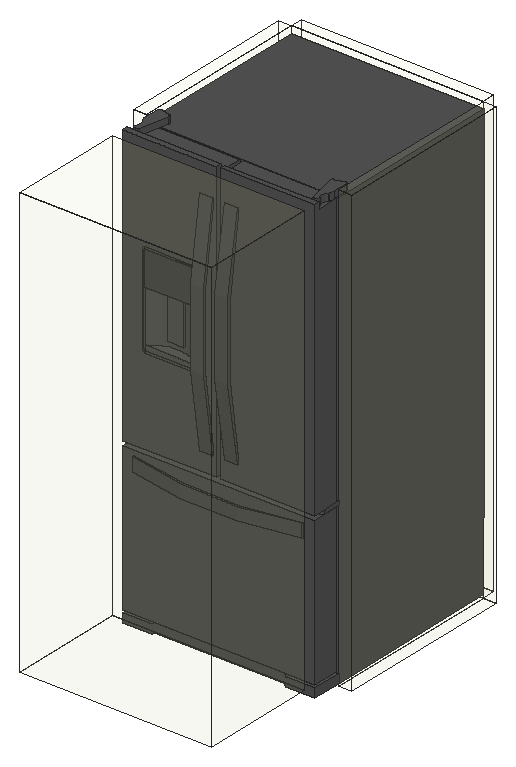
Revit family "WRF560SEHB-007c_Refrigeration_French_Door", category Specialty Equipment, Revit 2026
Family settings
  Round Connector Dimension = Use Diameter
  Part Type = Normal
  Work Plane-Based = No
  Enable Cutting in Views = No
  Always vertical = Yes
  Cut with Voids When Loaded = No
  Maintain Annotation Orientation = No
  Shared = No
  Room Calculation Point = No
Parameters (values of type "WRF560SEHB")
  Width = 29 1/2"
  Warranty Duration (Years) = "One year limited"
  Voltage = 120 V
  URL = "https://www.whirlpool.com/kitchen/refrigeration/refrigerators/french-door/p.30-inch-wide-french-door-refrigerator-20-cu.-ft.wrf560sehz.html"
  Specification = ""
  SpecWizard = ""
  Show Clearance [instance] = yes
  Send Message = ""
  Sales Information = "https://www.whirlpool.com/kitchen/refrigeration/refrigerators/french-door/p.30-inch-wide-french-door-refrigerator-20-cu.-ft.wrf560sehz.html"
  Product Data = "https://www.whirlpool.com/content/dam/global/documents/201801/UserInstructions-W10360467-RevC.pdf"
  Model = "WRF560SEHB"
  Manufacturer Website = ""
  Manufacturer Phone - Toll Free = ""
  Manufacturer Phone = ""
  Manufacturer Fax = ""
  Manufacturer Email = ""
  Manufacturer Address = ""
  Manufacturer = "Whirlpool"
  Maintenance Schedule (Months) = "NA"
  Leg Material = ARCAT - Plastic - Black
  Installation-Fabrication = "https://www.whirlpool.com/content/dam/global/documents/201801/DimensionGuide-W10359441-D-WH.pdf"
  Installation Phase = "NA"
  Height = 68 3/8"
  Handle Material = ARCAT - Metal - Steel - Grey
  HW size = 0"
  Family Name = "Freestanding Refrigerator"
  Expected Lifespan (Years) = "NA"
  Exhaust size = 0"
  Drawn By = ""
  Drain size = 0"
  Door Material = ARCAT - Metal - Steel - Black
  Display Panel Material = ARCAT - Glass - Black
  Description = "Whirlpool® 30-inch Wide French Door Refrigerator - 20 cu. ft."
  Depth = 34 3/8"
  Default Elevation = 0"
  Copyright = ""
  Clearance Material = ARCAT - Clearance
  CW size = 0"
  Body Material = ARCAT - Metal - Steel - Black
  Apparent Load = 0 VA
  Amps = 15 A
Reference planes (in)
  plane 1 "Center (Front/Back)": y = 0
  plane 2: z = 0
  plane 3 "Center (Left/Right)": x = 0
  plane 4: x = 14.75
  plane 5: x = -14.75
  plane 6: y = -2
  plane 7: y = -36.375
  plane 8: z = 68.375
Forms (in)
  Extrusion 1, solid, material "ARCAT - Metal - Steel - Black" <- "Body Material"
    sketch origin (0, -2, -0.5) x (1, 0, 0) y (0, 1, 0)
      loop
        line (-14.75, -0.0625) -> (-14.75, -27.8125) -> (14.75, -27.8125) -> (14.75, -0.0625) -> (-14.75, -0.0625)
    from 1 to 67.875
  Extrusion 2, solid, material "ARCAT - Clearance" <- "Clearance Material", visible <- "Show Clearance", detail levels medium+fine
    sketch origin (63.95747, -149.5, 68.375) x (-1, 0, 0) y (0, -1, 0)
      loop
        line (49.20747, -149.5) -> (78.70747, -149.5) -> (78.70747, -147.5) -> (49.20747, -147.5) -> (49.20747, -149.5)
    from 0 to -68.375
  Extrusion 3, solid, material "ARCAT - Metal - Steel - Black" <- "Door Material"
    sketch origin (0, -4.375, 68.375) x (1, 0, 0) y (0, 1, 0)
      loop
        line (-14.75, -30) -> (-0.3125, -30) -> (-0.3125, -25.5625) -> (-14, -25.5625) -> (-14, -25.9375) -> (-14.75, -25.9375) -> (-14.75, -30)
    from 0 to -42.79357
  Extrusion 4, solid, material "ARCAT - Glass - Black" <- "Display Panel Material"
    sketch origin (-14.75, -34.375, 72.625) x (1, 0, 0) y (0, 0, 1)
      loop
        line (3.30715, -24.65412) -> (10.95152, -24.65412) -> (10.95152, -19.66472)
        arc (10.95152, -19.66472) -> (10.8783, -19.48795) -> (10.70152, -19.41472) r 0.25
        line (10.70152, -19.41472) -> (3.55715, -19.41472)
        arc (3.55715, -19.41472) -> (3.38038, -19.48795) -> (3.30715, -19.66472) r 0.25
        line (3.30715, -19.66472) -> (3.30715, -24.65412)
    from 0 to 0.0625
  Extrusion 5, solid, material "ARCAT - Metal - Steel - Black" <- "Body Material"
    sketch origin (-14.75, -34.375, 48.79357) x (1, 0, 0) y (0, 0, 1)
      loop
        arc (3.30715, -9.2561) -> (3.42663, -9.54455) -> (3.71508, -9.66403) r 0.40793
        line (3.71508, -9.66403) -> (10.54527, -9.66403)
        arc (10.54527, -9.66403) -> (10.83254, -9.54504) -> (10.95152, -9.25778) r 0.40625
        line (10.95152, -9.25778) -> (10.95152, 4.16671)
        arc (10.95152, 4.16671) -> (10.8783, 4.34348) -> (10.70152, 4.41671) r 0.25
        line (10.70152, 4.41671) -> (3.55715, 4.41671)
        arc (3.55715, 4.41671) -> (3.38038, 4.34348) -> (3.30715, 4.16671) r 0.25
        line (3.30715, 4.16671) -> (3.30715, -9.2561)
      loop
        arc (3.05715, -9.2561) -> (3.24985, -9.72132) -> (3.71508, -9.91403) r 0.65793
        line (3.71508, -9.91403) -> (10.54527, -9.91403)
        arc (10.54527, -9.91403) -> (11.00931, -9.72181) -> (11.20152, -9.25778) r 0.65625
        line (11.20152, -9.25778) -> (11.20152, 4.16671)
        arc (11.20152, 4.16671) -> (11.05508, 4.52026) -> (10.70152, 4.66671) r 0.5
        line (10.70152, 4.66671) -> (3.55715, 4.66671)
        arc (3.55715, 4.66671) -> (3.2036, 4.52026) -> (3.05715, 4.16671) r 0.5
        line (3.05715, 4.16671) -> (3.05715, -9.2561)
    from 0 to 0.0625
  Extrusion 6, solid, material "ARCAT - Clearance" <- "Clearance Material", visible <- "Show Clearance", detail levels medium+fine
    sketch origin (63.95747, -184.125, 68.375) x (-1, 0, 0) y (0, -1, 0)
      loop
        line (49.20747, -147.75) -> (78.70747, -147.75) -> (78.70747, -130) -> (49.20747, -130) -> (49.20747, -147.75)
    from 0 to -66.05697
  Extrusion 7, solid, material "ARCAT - Metal - Steel - Grey" <- "Handle Material"
    sketch origin (-0.03977, -4.375, -2.77278) x (0, 1, 0) y (0, 0, -1)
      loop
        line (-30, -66.625) -> (-30, -65.4798)
        arc (-30, -65.4798) -> (-31.77475, -48.87599) -> (-30, -32.27218) r 78.55645
        line (-30, -32.27218) -> (-30, -31.12698)
        arc (-30, -31.12698) -> (-32.02475, -48.87599) -> (-30, -66.625) r 78.80645
    from 0.83523 to 2.83523
  Extrusion 8, solid, material "ARCAT - Metal - Steel - Black" <- "Body Material"
    sketch origin (-5.26713, -33.90625, 49.84588) x (1, 0, 0) y (0, -1, 0)
      loop
        arc (-3.64128, -1.04392) -> (-2.38926, -1.19725) -> (-1.13478, -1.06553) r 5.58152
        line (-1.13478, -1.06553) -> (-1.13478, -0.83704) -> (-3.64128, -0.83704) -> (-3.64128, -1.04392)
    from 2.5 to 9.09133
  Extrusion 9, solid, material "ARCAT - Plastic - Black" <- "Leg Material"
    sketch origin (0.73842, 17.04923, 0) x (1, 0, 0) y (0, -1, 0)
      loop
        circle (-13.18238, 22.39858) r 0.75
    from 0 to -0.5
  Extrusion 10, solid, material "ARCAT - Plastic - Black" <- "Leg Material"
    sketch origin (0.73842, -5.10142, 0) x (1, 0, 0) y (0, -1, 0)
      loop
        circle (-13.18238, 23.14858) r 0.75
    from 0 to -0.5
  Extrusion 11, solid, material "ARCAT - Plastic - Black" <- "Leg Material"
    sketch origin (-0.73842, 17.04923, 0) x (1, 0, 0) y (0, -1, 0)
      loop
        circle (13.18238, 22.39858) r 0.75
    from 0 to -0.5
  Extrusion 12, solid, material "ARCAT - Plastic - Black" <- "Leg Material"
    sketch origin (-0.73842, -5.10142, 0) x (1, 0, 0) y (0, -1, 0)
      loop
        circle (13.18238, 23.14858) r 0.75
    from 0 to -0.5
  Extrusion 13, solid, material "ARCAT - Metal - Steel - Black" <- "Door Material"
    sketch origin (-6.51723, -33.625, 34.87955) x (0, -1, 0) y (1, 0, 0)
      loop
        line (-1.05781, -3.85136) -> (-0.80496, -3.85136)
        arc (-0.80496, -3.85136) -> (-0.9168, -2.38478) -> (-0.80499, -0.9182) r 9.67341
        line (-0.80499, -0.9182) -> (-1.05784, -0.9182)
        arc (-1.05784, -0.9182) -> (-1.1668, -2.38478) -> (-1.05781, -3.85136) r 9.92341
    from 4.42548 to 8.09133
  Extrusion 14, solid, material "ARCAT - Clearance" <- "Clearance Material", visible <- "Show Clearance", detail levels medium+fine
    sketch origin (-17.58655, -2, 48) x (1, 0, 0) y (0, 0, 1)
      loop
        line (2.83655, 20.375) -> (0.83655, 20.375) -> (0.83655, -48) -> (2.83655, -48) -> (2.83655, 20.375)
      loop
        line (32.33655, 20.375) -> (32.33655, -48) -> (34.33655, -48) -> (34.33655, 20.375) -> (32.33655, 20.375)
    from 0 to 27.8125
  Extrusion 15, void
    sketch origin (0.375, 0, -0.5) x (0, -1, 0) y (1, 0, 0)
      loop
        line (34.375, -11.81785) -> (34.375, -4.19189) -> (34.19412, -4.19189)
        arc (34.19412, -4.19189) -> (32.70887, -8.01285) -> (34.23453, -11.81785) r 5.58152
        line (34.23453, -11.81785) -> (34.375, -11.81785)
    from 40.37955 to 48.47088
  Extrusion 16, solid, material "ARCAT - Metal - Steel - Black" <- "Door Material"
    sketch origin (0, -4.375, 68.375) x (-1, 0, 0) y (0, -1, 0)
      loop
        line (-14.75, 30) -> (-14.75, 25.9375) -> (-14, 25.9375) -> (-14, 25.5625) -> (-0.3125, 25.5625) -> (-0.3125, 30) -> (-14.75, 30)
    from 0 to -42.79357
  Extrusion 17, solid, material "ARCAT - Metal - Steel - Black" <- "Door Material"
    sketch origin (0, -4.375, 57.375) x (-1, 0, 0) y (0, -1, 0)
      loop
        line (-14.75, 30) -> (-14.75, 25.9375) -> (-14, 25.9375) -> (-14, 25.5625) -> (14, 25.5625) -> (14, 25.9375) -> (14.75, 25.9375) -> (14.75, 30) -> (-14.75, 30)
    from -32.54357 to -55.05697
  Extrusion 18, solid, material "ARCAT - Metal - Steel - Grey" <- "Handle Material"
    sketch origin (-48.75099, -4.375, 21.18845) x (1, 0, 0) y (0, 1, 0)
      loop
        line (35.8369, -30) -> (35.68948, -30) -> (35.68948, -30.12349)
        arc (35.68948, -30.12349) -> (35.71503, -30.19922) -> (35.78124, -30.24399) r 0.125
        arc (35.78124, -30.24399) -> (48.75099, -32) -> (61.72074, -30.24399) r 48.77463
        arc (61.72074, -30.24399) -> (61.78695, -30.19922) -> (61.8125, -30.12349) r 0.125
        line (61.8125, -30.12349) -> (61.8125, -30) -> (61.66508, -30)
        arc (61.66508, -30) -> (48.75099, -31.75) -> (35.8369, -30) r 48.52463
    from 0.83523 to 2.83523
  Extrusion 19, solid, material "ARCAT - Metal - Steel - Grey" <- "Handle Material"
    sketch origin (0.03977, -4.375, -2.77278) x (0, 1, 0) y (0, 0, 1)
      loop
        arc (-30, 66.625) -> (-32.02475, 48.87599) -> (-30, 31.12698) r 78.80645
        line (-30, 31.12698) -> (-30, 32.27218)
        arc (-30, 32.27218) -> (-31.77475, 48.87599) -> (-30, 65.4798) r 78.55645
        line (-30, 65.4798) -> (-30, 66.625)
    from 0.83523 to 2.83523
  Extrusion 20, solid, material "ARCAT - Metal - Steel - Black" <- "Body Material"
    sketch origin (3.11177, -5.17197, 24.58143) x (1, 0, 0) y (0, 1, 0)
      loop
        line (-17.86177, -24.64053) -> (-17.86177, -27.31056)
        arc (-17.86177, -27.31056) -> (-17.56507, -27.70764) -> (-17.10018, -27.53566) r 0.41406
        line (-17.10018, -27.53566) -> (-16.24093, -26.20909)
        arc (-16.24093, -26.20909) -> (-16.25266, -25.96938) -> (-16.48367, -25.9043) r 0.20547
        line (-16.48367, -25.9043) -> (-16.67476, -25.97385)
        arc (-16.67476, -25.97385) -> (-16.92377, -25.88933) -> (-16.89514, -25.62792) r 0.21007
        line (-16.89514, -25.62792) -> (-15.90775, -24.64053) -> (-17.86177, -24.64053)
    from 0.5 to 1
  Extrusion 21, solid, material "ARCAT - Metal - Steel - Black" <- "Body Material"
    sketch origin (-3.11177, -5.17197, 24.58143) x (-1, 0, 0) y (0, -1, 0)
      loop
        line (-17.86177, 24.64053) -> (-15.90775, 24.64053) -> (-16.89514, 25.62792)
        arc (-16.89514, 25.62792) -> (-16.92377, 25.88933) -> (-16.67476, 25.97385) r 0.21007
        line (-16.67476, 25.97385) -> (-16.48367, 25.9043)
        arc (-16.48367, 25.9043) -> (-16.25266, 25.96938) -> (-16.24093, 26.20909) r 0.20547
        line (-16.24093, 26.20909) -> (-17.10018, 27.53566)
        arc (-17.10018, 27.53566) -> (-17.56507, 27.70764) -> (-17.86177, 27.31056) r 0.41406
        line (-17.86177, 27.31056) -> (-17.86177, 24.64053)
    from 0.5 to 1
  Extrusion 22, solid, material "ARCAT - Metal - Steel - Black" <- "Body Material"
    sketch origin (-14.75, -2.0625, -0.5) x (1, 0, 0) y (0, 0, -1)
      loop
        circle (27.80654, -11.0857) r 0.25
    from 0 to 0.03125
  Extrusion 23, solid, material "ARCAT - Metal - Steel - Black" <- "Body Material"
    sketch origin (-14.75, -2.0625, -0.5) x (1, 0, 0) y (0, 0, -1)
      loop
        line (28, -1) -> (3.75, -1) -> (3.75, -2.49567)
        arc (3.75, -2.49567) -> (3.5, -2.74567) -> (3.25, -2.49567) r 0.25
        line (3.25, -2.49567) -> (3.25, -1) -> (1, -1) -> (1, -2.49567) -> (0.5, -2.49567) -> (0.5, -4.05634) -> (2.87356, -4.05634) -> (2.87356, -6.31722) -> (0.5, -6.31722) -> (0.5, -10.2917) -> (1, -10.2917) -> (1, -11.78736) -> (27.4375, -11.78736) -> (27.4375, -10.61908) -> (28.1875, -10.61908) -> (28.1875, -11.53736) -> (29, -11.53736) -> (29, -2) -> (28, -2) -> (28, -1)
    from 0 to 0.0625
  Extrusion 24, solid, material "ARCAT - Metal - Steel - Black" <- "Body Material"
    sketch origin (-14.75, -31.875, 57.375) x (0, -1, 0) y (0, 0, 1)
      loop
        line (-2.0625, -55.5002) -> (-2.0625, -56.875) -> (2.5, -56.875) -> (2.5, -55.5002) -> (-2.0625, -55.5002)
    from 0 to -4.5
  Extrusion 25, solid, material "ARCAT - Metal - Steel - Black" <- "Body Material"
    sketch origin (14.75, -34.375, 68.375) x (-1, 0, 0) y (0, 0, -1)
      loop
        line (25, 67.875) -> (24.64645, 67.52145) -> (4.85355, 67.52145) -> (4.5, 67.875) -> (4.5, 66.5002) -> (4.85355, 66.14665) -> (24.64645, 66.14665) -> (25, 66.5002) -> (25, 67.875)
    from 0 to -4.5625
  Extrusion 26, solid, material "ARCAT - Metal - Steel - Black" <- "Body Material"
    sketch origin (14.75, -31.875, 57.375) x (0, -1, 0) y (0, 0, -1)
      loop
        line (-2.0625, 55.5002) -> (2.5, 55.5002) -> (2.5, 56.875) -> (-2.0625, 56.875) -> (-2.0625, 55.5002)
    from 0 to -4.5
  Extrusion 27, solid, material "ARCAT - Metal - Steel - Black" <- "Body Material"
    sketch origin (0.125, -5.59375, 67.375) x (1, 0, 0) y (0, 1, 0)
      loop
        arc (-14.26354, -22.14842) -> (-14.50419, -22.20093) -> (-14.61177, -22.4225) r 0.28197
        line (-14.61177, -22.4225) -> (-14.61177, -24.67511)
        arc (-14.61177, -24.67511) -> (-14.58722, -25.03246) -> (-14.51403, -25.3831) r 2.61317
        arc (-14.51403, -25.3831) -> (-14.45066, -25.53883) -> (-14.35425, -25.67658) r 0.75155
        arc (-14.35425, -25.67658) -> (-14.07121, -26.35267) -> (-14.2568, -27.06172) r 1.14347
        arc (-14.2568, -27.06172) -> (-14.0771, -27.65025) -> (-13.53208, -27.36459) r 0.39966
        line (-13.53208, -27.36459) -> (-12.57015, -22.83907)
        arc (-12.57015, -22.83907) -> (-12.60727, -22.6307) -> (-12.77917, -22.50722) r 0.28125
        line (-12.77917, -22.50722) -> (-14.26354, -22.14842)
    from 1 to 0
  Extrusion 28, void
    sketch origin (-17.75, 6.715, 49.75) x (0, 1, 0) y (0, 0, 1)
      loop
        line (-36.5275, 18.625) -> (-40.2775, 18.625) -> (-40.2775, 17.625) -> (-36.5275, 17.625) -> (-36.5275, 18.625)
    from 3 to 17.4375
  Extrusion 29, solid, material "ARCAT - Metal - Steel - Black" <- "Body Material"
    sketch origin (-0.125, -5.59375, 67.375) x (-1, 0, 0) y (0, -1, 0)
      loop
        line (-14.26354, 22.14842) -> (-12.77917, 22.50722)
        arc (-12.77917, 22.50722) -> (-12.60727, 22.6307) -> (-12.57015, 22.83907) r 0.28125
        line (-12.57015, 22.83907) -> (-13.53208, 27.36459)
        arc (-13.53208, 27.36459) -> (-14.0771, 27.65025) -> (-14.2568, 27.06172) r 0.39966
        arc (-14.2568, 27.06172) -> (-14.07121, 26.35267) -> (-14.35425, 25.67658) r 1.14347
        arc (-14.35425, 25.67658) -> (-14.45066, 25.53883) -> (-14.51403, 25.3831) r 0.75155
        arc (-14.51403, 25.3831) -> (-14.58722, 25.03246) -> (-14.61177, 24.67511) r 2.61317
        line (-14.61177, 24.67511) -> (-14.61177, 22.4225)
        arc (-14.61177, 22.4225) -> (-14.50419, 22.20093) -> (-14.26354, 22.14842) r 0.28197
    from 1 to 0
  Extrusion 30, void
    sketch origin (17.75, 6.715, 49.75) x (0, 1, 0) y (0, 0, -1)
      loop
        line (-36.5275, -18.625) -> (-36.5275, -17.625) -> (-40.2775, -17.625) -> (-40.2775, -18.625) -> (-36.5275, -18.625)
    from 3 to 17.4375
  Extrusion 31, solid, material "ARCAT - Metal - Steel - Black" <- "Body Material"
    sketch origin (-17.5, -1.0625, 0) x (1, 0, 0) y (0, 0, -1)
      loop
        line (2.75, -9.7917) -> (2.75, -67.375) -> (32.25, -67.375) -> (32.25, -11.03736) -> (31.25, -11.03736) -> (31.25, -66.375) -> (3.75, -66.375) -> (3.75, -9.7917) -> (2.75, -9.7917)
    from -1 to -0.9375
Cuts and joins
  Extrusion 15, Extrusion 28 cuts Extrusion 3
  Extrusion 15, Extrusion 28 cuts Extrusion 13
  joined: Extrusion 3, Extrusion 13
  joined: Extrusion 24, Extrusion 25, Extrusion 26
  Extrusion 30 cuts Extrusion 16
  joined: Extrusion 1, Extrusion 31
Lines and regions (in)
  symbolic lines, style "SpecialityEquipment"
    curve 1: line (14.75, -34.375, 0.5) -> (-14.75, -34.375, 0.5)
    curve 2: line (-14.75, -2, 0.5) -> (14.75, -2, 0.5)
    curve 3: line (14.75, -34.375, 0.5) -> (14.75, -2, 0.5)
    curve 4: line (-14.75, -34.375, 0.5) -> (-14.75, -2, 0.5)
    curve 15: line (-2.875, -36.03976, 0.5) -> (-2.875, -34.375, 0.5)
    curve 16: line (-0.875, -34.375, 0.5) -> (-0.875, -36.11711, 0.5)
    curve 17: arc (-12.96975, -34.61899, 0.5) -> (0, -36.375, 0.5) -> (12.96975, -34.61899, 0.5) r 48.77463
    curve 18: arc (12.96975, -34.61899, 0.5) -> (13.03596, -34.57422, 0.5) -> (13.06151, -34.49849, 0.5) r 0.125
    curve 19: line (13.06151, -34.49849, 0.5) -> (13.06151, -34.375, 0.5)
    curve 20: arc (12.91409, -34.375, 0.5) -> (0, -36.125, 0.5) -> (-12.91409, -34.375, 0.5) r 48.52463
    curve 21: line (-13.06151, -34.375, 0.5) -> (-13.06151, -34.49849, 0.5)
    curve 22: arc (-13.06151, -34.49849, 0.5) -> (-13.03596, -34.57422, 0.5) -> (-12.96975, -34.61899, 0.5) r 0.125
    curve 23: line (2.875, -36.03976, 0.5) -> (2.875, -34.375, 0.5)
    curve 24: line (0.875, -34.375, 0.5) -> (0.875, -36.11711, 0.5)
  model lines
    curve 5: line (12.9375, -2, 1.5) -> (5.4375, -2, 1.5)
    curve 6: line (5.4375, -2, 1.5) -> (5.4375, -2, 10.5)
    curve 7: line (5.4375, -2, 10.5) -> (10.6875, -2, 10.5)
    curve 8: line (10.6875, -2, 10.5) -> (10.6875, -2, 7.75)
    curve 9: line (10.6875, -2, 7.75) -> (12.9375, -2, 7.75)
    curve 10: line (12.9375, -2, 7.75) -> (12.9375, -2, 1.5)
    curve 11: line (-10.5, -2, 1.5) -> (-10.5, -2, 10.5)
    curve 12: line (-6.75, -2, 1.5) -> (-6.75, -2, 10.5)
    curve 13: line (-10.5, -2, 10.5) -> (-6.75, -2, 10.5)
    curve 14: line (-10.5, -2, 1.5) -> (-6.75, -2, 1.5)
Dimensions and locks (in)
  "Width": plane 5 to plane 4
  equal spacing: plane 5, plane 3 "Center (Left/Right)", plane 4
  "Depth": plane 7 to plane 6
  "Height": plane 8 to plane 2
  aligned and locked: plane 2 to level
Automatic sketch dimensions
  curve 17 to curve 20 = 0"  (x2)
  curve 17 to plane 3 "Center (Left/Right)" = 0"
  curve 2 to plane 4 = 0"
  plane 6 to curve 2 = 0"
  curve 4 to plane 5 = 0"
  curve 20 to plane 1 "Center (Front/Back)" = 12.39963"
  curve 4 to plane 7 = 2"
  curve 21 to curve 21 = 0.12349"
  curve 20 to curve 18 = 0.12349"
  plane 5 to curve 21 = 1.68849"
  curve 22 to curve 22 = 1/8"
  curve 18 to plane 4 = 1.81349"
  curve 18 to curve 19 = 1/8"
  curve 17 to curve 18 = 0"
  curve 15 to plane 7 = 0.33524"
  curve 23 to plane 7 = 0.33524"
  curve 24 to plane 7 = 0.25789"
  curve 16 to plane 7 = 0.25789"
  curve 22 to curve 20 = 0.02242"
  Extrusion 1 sketch curve to plane 5 = 0"
  Extrusion 1 sketch curve to plane 4 = 0"
  Extrusion 1 sketch curve to plane 7 = 6 9/16"
  plane 6 to Extrusion 1 sketch curve = 1/16"
  Extrusion 2 sketch curve to plane 4 = 0"
  Extrusion 2 sketch curve to plane 5 = 0"
  plane 1 "Center (Front/Back)" to Extrusion 2 sketch curve = 0"
  plane 6 to Extrusion 2 sketch curve = 0"
  Extrusion 3 sketch curve to plane 5 = 0"
  plane 5 to Extrusion 3 sketch curve = 3/4"
  Extrusion 3 sketch curve to plane 3 "Center (Left/Right)" = 5/16"
  Extrusion 3 sketch curve to plane 7 = 2"
  Extrusion 3 sketch curve to Extrusion 3 sketch curve = 4 1/16"
  Extrusion 3 sketch curve to Extrusion 3 sketch curve = 4 7/16"
  Extrusion 3 to Extrusion 4 sketch curve = 3.30715"
  Extrusion 4 sketch curve to Extrusion 4 sketch curve = 1/4"
  Extrusion 4 sketch curve to Extrusion 3 = 3.73598"
  Extrusion 4 sketch curve to Extrusion 3 = 3.48598"
  Extrusion 3 to Extrusion 4 sketch curve = 20.40412"
  Extrusion 4 sketch curve to Extrusion 4 sketch curve = 4.9894"
  Extrusion 5 sketch curve to Extrusion 5 sketch curve = 0"  (x8)
  Extrusion 3 to Extrusion 5 sketch curve = 3.05715"
  Extrusion 5 sketch curve to Extrusion 5 sketch curve = 1/4"  (x2)
  Extrusion 5 sketch curve to Extrusion 5 sketch curve = 0.40793"
  Extrusion 5 sketch curve to Extrusion 3 = 3.89223"
  Extrusion 5 sketch curve to Extrusion 3 = 3.73598"
  Extrusion 5 sketch curve to Extrusion 5 sketch curve = 13/32"
  Extrusion 3 to Extrusion 5 sketch curve = 13.29812"
  Extrusion 5 sketch curve to Extrusion 5 sketch curve = 13.42448"
  Extrusion 6 sketch curve to plane 4 = 0"
  Extrusion 6 sketch curve to plane 5 = 0"
  plane 7 to Extrusion 6 sketch curve = 0"
  plane 7 to Extrusion 6 sketch curve = 17 3/4"
  Extrusion 7 sketch curve to Extrusion 7 sketch curve = 0"  (x3)
  Extrusion 7 sketch curve to plane 7 = 2"  (x2)
  Extrusion 7 sketch curve to plane 1 "Center (Front/Back)" = 42.4067"
  Extrusion 7 sketch curve to Extrusion 7 sketch curve = 1.1452"
  plane 5 to Extrusion 8 sketch curve = 5.84159"
  plane 7 to Extrusion 8 sketch curve = 1.91531"
  Extrusion 8 sketch curve to Extrusion 8 sketch curve = 1.30014"
  Extrusion 8 sketch curve to Extrusion 8 sketch curve = 2.5065"
  Extrusion 8 sketch curve to plane 7 = 3.30579"
  Extrusion 8 sketch curve to Extrusion 8 sketch curve = 0.20688"
  plane 5 to Extrusion 9 sketch curve = 2.30604"
  plane 6 to Extrusion 9 sketch curve = 3.34935"
  plane 5 to Extrusion 10 sketch curve = 2.30604"
  Extrusion 10 sketch curve to plane 7 = 8 1/8"
  Extrusion 11 sketch curve to plane 4 = 2.30604"
  plane 6 to Extrusion 11 sketch curve = 3.34935"
  Extrusion 12 sketch curve to plane 4 = 2.30604"
  Extrusion 12 sketch curve to plane 7 = 8 1/8"
  Extrusion 13 sketch curve to Extrusion 13 sketch curve = 0"  (x2)
  Extrusion 13 sketch curve to plane 7 = 3.80784"
  Extrusion 13 sketch curve to Extrusion 13 sketch curve = 0.00003"
  Extrusion 13 sketch curve to Extrusion 13 sketch curve = 0.25285"
  plane 7 to Extrusion 13 sketch curve = 6.00662"
  plane 5 to Extrusion 13 sketch curve = 4.38141"
  plane 5 to Extrusion 13 sketch curve = 5.84809"
  Extrusion 14 sketch curve to plane 8 = 0"  (x2)
  Extrusion 14 sketch curve to level = 0"  (x2)
  Extrusion 14 sketch curve to plane 5 = 0"
  Extrusion 14 sketch curve to plane 4 = 0"
  Extrusion 14 sketch curve to Extrusion 14 sketch curve = 2"
  plane 4 to Extrusion 14 sketch curve = 2"
  Extrusion 15 sketch curve to plane 7 = 2.18088"
  Extrusion 15 sketch curve to plane 7 = 2.14047"
  Extrusion 15 sketch curve to Extrusion 15 sketch curve = 0.14047"
  plane 7 to Extrusion 15 sketch curve = 1.91531"
  plane 5 to Extrusion 15 sketch curve = 3.30715"
  Extrusion 15 sketch curve to Extrusion 15 sketch curve = 3.83458"
  Extrusion 16 sketch curve to plane 4 = 0"
  Extrusion 16 sketch curve to plane 4 = 3/4"
  plane 3 "Center (Left/Right)" to Extrusion 16 sketch curve = 5/16"
  Extrusion 16 sketch curve to plane 7 = 6 7/16"
  Extrusion 16 sketch curve to Extrusion 16 sketch curve = 3/8"
  Extrusion 16 sketch curve to plane 7 = 2"
  Extrusion 17 sketch curve to plane 4 = 0"
  Extrusion 17 sketch curve to plane 5 = 0"
  Extrusion 17 sketch curve to plane 4 = 3/4"
  plane 5 to Extrusion 17 sketch curve = 3/4"
  Extrusion 17 sketch curve to plane 7 = 6 7/16"
  Extrusion 17 sketch curve to Extrusion 17 sketch curve = 3/8"  (x2)
  Extrusion 17 sketch curve to plane 7 = 2"
  Extrusion 18 sketch curve to Extrusion 18 sketch curve = 0"  (x3)
  Extrusion 18 sketch curve to plane 3 "Center (Left/Right)" = 0"
  plane 5 to Extrusion 18 sketch curve = 1.83591"
  Extrusion 18 sketch curve to Extrusion 18 sketch curve = 0.02242"  (x2)
  Extrusion 18 sketch curve to Extrusion 18 sketch curve = 1/8"
  Extrusion 18 sketch curve to plane 4 = 1.83591"
  Extrusion 18 sketch curve to Extrusion 18 sketch curve = 0.14742"
  Extrusion 18 sketch curve to plane 7 = 1.87651"  (x2)
  Extrusion 18 sketch curve to Extrusion 18 sketch curve = 0.12349"
  Extrusion 18 sketch curve to plane 1 "Center (Front/Back)" = 12.39963"
  Extrusion 19 sketch curve to Extrusion 19 sketch curve = 0"  (x3)
  Extrusion 19 sketch curve to plane 7 = 2"  (x2)
  Extrusion 19 sketch curve to plane 1 "Center (Front/Back)" = 42.4067"
  level to Extrusion 19 sketch curve = 29.4994"
  Extrusion 19 sketch curve to Extrusion 19 sketch curve = 1.1452"
  Extrusion 20 sketch curve to plane 5 = 0"
  plane 5 to Extrusion 20 sketch curve = 53/128"
  Extrusion 20 sketch curve to Extrusion 20 sketch curve = 0.34753"
  plane 5 to Extrusion 20 sketch curve = 0.96663"
  Extrusion 20 sketch curve to Extrusion 20 sketch curve = 0.14854"
  Extrusion 20 sketch curve to Extrusion 20 sketch curve = 0.07185"
  Extrusion 20 sketch curve to Extrusion 20 sketch curve = 0.19109"
  Extrusion 20 sketch curve to Extrusion 20 sketch curve = 0.07028"
  Extrusion 20 sketch curve to Extrusion 20 sketch curve = 0.17246"
  Extrusion 20 sketch curve to Extrusion 20 sketch curve = 0.57592"
  Extrusion 20 sketch curve to plane 7 = 3.66737"
  Extrusion 20 sketch curve to Extrusion 20 sketch curve = 1.32657"
  Extrusion 20 sketch curve to Extrusion 20 sketch curve = 0.1117"
  Extrusion 20 sketch curve to Extrusion 20 sketch curve = 0.06955"
  Extrusion 20 sketch curve to Extrusion 20 sketch curve = 0.1974"
  Extrusion 20 sketch curve to Extrusion 20 sketch curve = 1.26377"
  Extrusion 21 sketch curve to plane 4 = 0"
  Extrusion 21 sketch curve to Extrusion 21 sketch curve = 53/128"
  Extrusion 21 sketch curve to Extrusion 21 sketch curve = 0.34753"
  Extrusion 21 sketch curve to plane 4 = 0.96663"
  Extrusion 21 sketch curve to Extrusion 21 sketch curve = 0.14854"  (x2)
  Extrusion 21 sketch curve to Extrusion 21 sketch curve = 0.07185"
  Extrusion 21 sketch curve to Extrusion 21 sketch curve = 0.19109"
  Extrusion 21 sketch curve to Extrusion 21 sketch curve = 0.07028"
  Extrusion 21 sketch curve to Extrusion 21 sketch curve = 0.17246"
  Extrusion 21 sketch curve to Extrusion 21 sketch curve = 0.57592"
  Extrusion 21 sketch curve to plane 7 = 6 9/16"
  Extrusion 21 sketch curve to Extrusion 21 sketch curve = 0.98739"
  Extrusion 21 sketch curve to Extrusion 21 sketch curve = 0.06955"
  Extrusion 21 sketch curve to Extrusion 21 sketch curve = 0.19308"
  Extrusion 21 sketch curve to Extrusion 21 sketch curve = 1.33671"
  Extrusion 22 sketch curve to Extrusion 1 = 1.69346"
  Extrusion 1 to Extrusion 22 sketch curve = 10.0857"
  plane 5 to Extrusion 23 sketch curve = 1/2"  (x2)
  Extrusion 23 sketch curve to Extrusion 23 sketch curve = 1/2"  (x2)
  Extrusion 23 sketch curve to Extrusion 23 sketch curve = 2.37356"
  level to Extrusion 23 sketch curve = 1/2"  (x2)
  Extrusion 23 sketch curve to Extrusion 23 sketch curve = 2 1/4"
  Extrusion 23 sketch curve to Extrusion 23 sketch curve = 1/4"
  Extrusion 23 sketch curve to plane 4 = 2 1/16"
  Extrusion 23 sketch curve to plane 4 = 1 1/2"
  Extrusion 23 sketch curve to Extrusion 23 sketch curve = 3/4"
  Extrusion 23 sketch curve to plane 4 = 1/2"
  Extrusion 23 sketch curve to Extrusion 23 sketch curve = 1"
  Extrusion 23 sketch curve to Extrusion 23 sketch curve = 1.49567"  (x3)
  Extrusion 23 sketch curve to Extrusion 23 sketch curve = 1.56068"
  Extrusion 23 sketch curve to Extrusion 23 sketch curve = 2.26088"
  Extrusion 23 sketch curve to Extrusion 23 sketch curve = 3.97447"
  Extrusion 23 sketch curve to Extrusion 23 sketch curve = 8.61908"
  Extrusion 23 sketch curve to Extrusion 23 sketch curve = 0.91828"
  Extrusion 24 sketch curve to Extrusion 17 = 0"
  Extrusion 24 sketch curve to Extrusion 17 = 1/2"
  Extrusion 24 sketch curve to Extrusion 17 = 1.81803"
  Extrusion 24 sketch curve to Extrusion 17 = 0.44323"
  Extrusion 16 to Extrusion 25 sketch curve = 4 1/2"
  Extrusion 25 sketch curve to Extrusion 25 sketch curve = 0.35355"  (x7)
  Extrusion 16 to Extrusion 25 sketch curve = 10.20895"
  Extrusion 25 sketch curve to Extrusion 25 sketch curve = 0"
  Extrusion 25 sketch curve to Extrusion 16 = 23.35308"
  Extrusion 25 sketch curve to Extrusion 25 sketch curve = 1.02124"
  level to Extrusion 26 sketch curve = 1/2"
  Extrusion 26 sketch curve to plane 7 = 6 9/16"
  Extrusion 26 sketch curve to plane 7 = 2"
  Extrusion 26 sketch curve to Extrusion 26 sketch curve = 1.3748"
  curve 11 to Extrusion 23 = 0"
  curve 5 to Extrusion 23 = 0"
  curve 11 to Extrusion 23 = 1/2"
  curve 11 to curve 12 = 3 3/4"
  Extrusion 23 to curve 7 = 0.38092"
  curve 7 to Extrusion 23 = 7 1/4"
  curve 7 to Extrusion 23 = 2"
  Extrusion 23 to curve 10 = 1/4"
  Extrusion 23 to curve 12 = 0.38092"
  curve 9 to Extrusion 23 = 1.93278"
  Extrusion 27 sketch curve to plane 5 = 0.33686"
  plane 5 to Extrusion 27 sketch curve = 0.26323"
  Extrusion 27 sketch curve to Extrusion 27 sketch curve = 0.28197"
  Extrusion 27 sketch curve to Extrusion 27 sketch curve = 0.06625"
  plane 5 to Extrusion 27 sketch curve = 0.952"
  Extrusion 27 sketch curve to Extrusion 27 sketch curve = 0.82117"
  Extrusion 27 sketch curve to Extrusion 27 sketch curve = 0.39092"
  Extrusion 27 sketch curve to Extrusion 27 sketch curve = 1.48454"
  Extrusion 27 sketch curve to Extrusion 27 sketch curve = 0.06608"
  Extrusion 27 sketch curve to Extrusion 27 sketch curve = 0.2751"
  Extrusion 27 sketch curve to Extrusion 27 sketch curve = 1.792"
  Extrusion 27 sketch curve to plane 7 = 3.41666"
  Extrusion 27 sketch curve to Extrusion 27 sketch curve = 0.08309"
  Extrusion 27 sketch curve to Extrusion 27 sketch curve = 0.84858"
  Extrusion 27 sketch curve to Extrusion 27 sketch curve = 1.25344"
  Extrusion 27 sketch curve to Extrusion 27 sketch curve = 0.50437"
  Extrusion 27 sketch curve to Extrusion 27 sketch curve = 1.83603"
  Extrusion 27 sketch curve to Extrusion 27 sketch curve = 0.05848"
  Extrusion 27 sketch curve to Extrusion 27 sketch curve = 0.35809"
  Extrusion 27 sketch curve to Extrusion 27 sketch curve = 0"  (x2)
  plane 8 to Extrusion 28 sketch curve = 0"
  Extrusion 28 sketch curve to plane 7 = 2 13/16"
  Extrusion 28 sketch curve to Extrusion 28 sketch curve = 3 3/4"
  plane 4 to Extrusion 29 sketch curve = 0.33686"
  Extrusion 29 sketch curve to plane 4 = 0.26323"
  Extrusion 29 sketch curve to Extrusion 29 sketch curve = 0.28197"
  Extrusion 29 sketch curve to Extrusion 29 sketch curve = 0.06625"
  Extrusion 29 sketch curve to plane 4 = 0.952"
  Extrusion 29 sketch curve to Extrusion 29 sketch curve = 0.82117"
  Extrusion 29 sketch curve to Extrusion 29 sketch curve = 0.39092"
  Extrusion 29 sketch curve to Extrusion 29 sketch curve = 1.48454"
  Extrusion 29 sketch curve to Extrusion 29 sketch curve = 0.06608"
  Extrusion 29 sketch curve to Extrusion 29 sketch curve = 0.2751"
  Extrusion 29 sketch curve to Extrusion 29 sketch curve = 1.792"
  Extrusion 29 sketch curve to plane 7 = 8 81/128"
  Extrusion 29 sketch curve to Extrusion 29 sketch curve = 0.3588"
  Extrusion 29 sketch curve to Extrusion 29 sketch curve = 0.27338"
  Extrusion 29 sketch curve to Extrusion 29 sketch curve = 1.83603"
  Extrusion 29 sketch curve to Extrusion 29 sketch curve = 0.50437"
  Extrusion 29 sketch curve to Extrusion 29 sketch curve = 1.04982"
  Extrusion 29 sketch curve to Extrusion 29 sketch curve = 0.84858"
  Extrusion 29 sketch curve to Extrusion 29 sketch curve = 0.08309"
  Extrusion 29 sketch curve to Extrusion 29 sketch curve = 0"  (x2)
  plane 8 to Extrusion 30 sketch curve = 0"
  Extrusion 30 sketch curve to plane 7 = 2 13/16"
  Extrusion 30 sketch curve to Extrusion 30 sketch curve = 3 3/4"
  plane 8 to Extrusion 7 sketch curve = 4.52278"
  plane 8 to Extrusion 7 sketch curve = 22.27179"
  plane 8 to Extrusion 19 sketch curve = 22.27179"
  plane 8 to Extrusion 28 sketch curve = 1"
  Extrusion 30 sketch curve to Extrusion 30 sketch curve = 1"
  Extrusion 31 sketch curve to plane 5 = 0"
  plane 5 to Extrusion 31 sketch curve = 1"
  plane 8 to Extrusion 31 sketch curve = 1"
  Extrusion 31 sketch curve to Extrusion 31 sketch curve = 1"
  level to Extrusion 31 sketch curve = 9.7917"
  Extrusion 31 sketch curve to plane 4 = 1"
  Extrusion 31 sketch curve to plane 4 = 0"
  level to Extrusion 31 sketch curve = 11.03736"
  radius of Extrusion 9 sketch curve = 3/4"
  radius of Extrusion 10 sketch curve = 3/4"
  radius of Extrusion 11 sketch curve = 3/4"
  radius of Extrusion 12 sketch curve = 3/4"
  radius of Extrusion 22 sketch curve = 1/4"
Connectors (in)
  electrical at (13.05654, -2.03125, 10.5857), driven by "Voltage", driven by "Apparent Load"
    settings: on Extrusion 22, index 3, voltage 120 V, apparent load 0 VA, apparent load phase1 0 VA, apparent load phase2 0 VA, apparent load phase3 0 VA, power factor 1, load classification "Other", number of poles 1, system type 30, power factor state 1, is connector primary yes, connector utility no, sub classification motor no, connector description "Electrical Connection"
